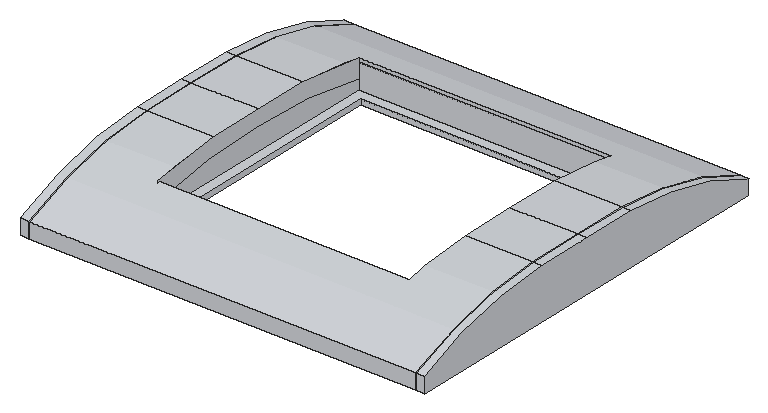
Revit family "Gira_100224", category Electrical Fixtures, host Face, Revit 2017
Family settings
  Host = Face
  Maintain Annotation Orientation = No
  Round Connector Dimension = Use Diameter
  Part Type = Normal
  Cut with Voids When Loaded = No
  Shared = No
  Room Calculation Point = No
Parameters (values of type "Cov.fr. 2-g w/o cb interm.fr. AN Gira Event Opaque white")
  With mounting grid = "No"
  With hinged lid = "No"
  URL = "http://katalog.gira.de/en/datenblatt.html?artikelnr=100224"
  Type of fastening = "Clamp mounting"
  Transparent = "No"
  Surface protection = "Other"
  Suitable for wall duct = "No"
  Suitable for flush-mounted installation = "Yes"
  Suitable for floor box = "No"
  Suitable for built-in installation = "No"
  Number of units vertical = "2"
  Number of units horizontal = "2"
  Number of units = "2"
  Name = "Cov.fr. 2-g w/o cb interm.fr. AN Gira Event Opaque white"
  Mounting direction = "Horizontal and vertical"
  Material quality = "Thermoplastic"
  Material = "Plastic"
  Manufacturer URL = "https://www.gira.de/"
  Manufacturer = "Gira"
  Label space/information surface = "No"
  Keynote = ""
  HeinzeBIM = "https://bimportal.heinze.de/bim/cov-fr-2-g-w-o-cb-interm-fr-an-gira-event-opaque-white/3301cdd09a95d3fdd2279a5f2229eefe3014c5d5"
  Halogen free = "Yes"
  HAN = "100224"
  GTIN = "4010337002246"
  Description = "Cov.fr.2g w o cb i.fr.AN EvOp WH,Gira Event Opaque frames,white with anthracite intermediate frame,2-gang without crossbar,Features:,- Shatter-proof."
  Degree of protection (IP) = "IP20"
  Default Elevation = 1219.2 mm
  Data sheet (1) = "https://katalog.gira.de/en/download.html?artikelnr=100224"
  Colour = "White"
  Category = "Cover frame for domestic switching devices"
  BIM (1) = "https://media.stage.bim.site/public/gira/36a6b08/Event_Rahmen_2fach o.Mittelsteg.rfa?public/gira/36a6b08/Event_Rahmen_2fach o.Mittelsteg.rfa"
  Available = "No"
Reference planes
  plane 1 "Center (Front/Back)": y = 0
  plane 2: z = 0
  plane 3 "Center (Left/Right)": x = 0
Forms (mm)
  Extrusion 1, solid, detail levels fine
    sketch origin (0, 0, 1.55) x (0, 1, 0) y (0, 0, 1)
      loop
        arc (12.445, 9.683) -> (6.223, 9.833) -> (0, 9.85) r 291.636
        arc (0, 9.85) -> (-6.223, 9.833) -> (-12.445, 9.683) r 291.636
        arc (-12.445, 9.683) -> (-29.14, 7.482) -> (-45, 1.823) r 79.728
        line (-45, 1.823) -> (-45, -1.55) -> (-41.777, -1.55) -> (-41.777, -0.55)
        arc (-41.777, -0.55) -> (-21.205, 4.846) -> (0, 6.467) r 118.15
        arc (0, 6.467) -> (21.205, 4.846) -> (41.777, -0.55) r 118.15
        line (41.777, -0.55) -> (41.777, -1.55) -> (45, -1.55) -> (45, 1.823)
        arc (45, 1.823) -> (29.14, 7.482) -> (12.445, 9.683) r 79.728
    from -43 to 43
  Extrusion 2, void, detail levels fine
    sketch origin (0, 0, 0) x (1, 0, 0) y (0, 1, 0)
      loop
        line (-28, -28) -> (28, -28) -> (28, 28) -> (-28, 28) -> (-28, -28)
    from 2.85 to 12
  Extrusion 3, solid, detail levels coarse
    sketch origin (0, 0, 0) x (1, 0, 0) y (0, 1, 0)
      loop
        line (-45, 45) -> (-45, -45) -> (45, -45) -> (45, 45) -> (-45, 45)
    from 0 to 11.4
  Extrusion 4, solid, detail levels medium
    sketch origin (0, 0, 1.55) x (0, 1, 0) y (0, 0, 1)
      loop
        arc (12.445, 9.683) -> (6.223, 9.833) -> (0, 9.85) r 291.636
        arc (0, 9.85) -> (-6.223, 9.833) -> (-12.445, 9.683) r 291.636
        arc (-12.445, 9.683) -> (-29.14, 7.482) -> (-45, 1.823) r 79.728
        line (-45, 1.823) -> (-45, -1.55) -> (45, -1.55) -> (45, 1.823)
        arc (45, 1.823) -> (29.14, 7.482) -> (12.445, 9.683) r 79.728
    from -45 to 45
  Extrusion 5, solid, detail levels fine
    sketch origin (0, 0, 0) x (0, 1, 0) y (0, 0, 1)
      loop
        arc (45, 3.373) -> (29.14, 9.032) -> (12.445, 11.233) r 79.728
        arc (12.445, 11.233) -> (6.223, 11.383) -> (0, 11.4) r 291.636
        arc (0, 11.4) -> (-6.223, 11.383) -> (-12.445, 11.233) r 291.636
        arc (-12.445, 11.233) -> (-29.14, 9.032) -> (-45, 3.373) r 79.728
        line (-45, 3.373) -> (-45, 0) -> (45, 0) -> (45, 3.373)
    from 43 to 45
  Extrusion 6, solid, detail levels fine
    sketch origin (0, 0, 0) x (0, 1, 0) y (0, 0, -1)
      loop
        line (45, -3.373) -> (45, 0) -> (-45, 0) -> (-45, -3.373)
        arc (-45, -3.373) -> (-29.14, -9.032) -> (-12.445, -11.233) r 79.728
        arc (-12.445, -11.233) -> (-6.223, -11.383) -> (0, -11.4) r 291.636
        arc (0, -11.4) -> (6.223, -11.383) -> (12.445, -11.233) r 291.636
        arc (12.445, -11.233) -> (29.14, -9.032) -> (45, -3.373) r 79.728
    from 43 to 45
  Extrusion 7, solid, detail levels fine
    sketch origin (0, 0, 0) x (1, 0, 0) y (0, 1, 0)
      loop
        line (-25.7, 25.7) -> (-25.7, -25.7) -> (25.7, -25.7) -> (25.7, 25.7) -> (-25.7, 25.7)
      loop
        line (-29.495, 27.895) -> (-29.495, -27.895)
        spline (-29.495, -27.895) -> (-29.486, -28.025) -> (-29.461, -28.154) -> (-29.419, -28.278) -> (-29.361, -28.395) -> (-29.288, -28.504) -> (-29.202, -28.602) -> (-29.104, -28.688) -> (-28.995, -28.761) -> (-28.878, -28.819) -> (-28.754, -28.861) -> (-28.625, -28.886) -> (-28.495, -28.895)
        line (-28.495, -28.895) -> (28.495, -28.895)
        spline (28.495, -28.895) -> (28.625, -28.886) -> (28.754, -28.861) -> (28.878, -28.819) -> (28.995, -28.761) -> (29.104, -28.688) -> (29.202, -28.602) -> (29.288, -28.504) -> (29.361, -28.395) -> (29.419, -28.278) -> (29.461, -28.154) -> (29.486, -28.025) -> (29.495, -27.895)
        line (29.495, -27.895) -> (29.495, 27.895)
        spline (29.495, 27.895) -> (29.486, 28.025) -> (29.461, 28.154) -> (29.419, 28.278) -> (29.361, 28.395) -> (29.288, 28.504) -> (29.202, 28.602) -> (29.104, 28.688) -> (28.995, 28.761) -> (28.878, 28.819) -> (28.754, 28.861) -> (28.625, 28.886) -> (28.495, 28.895)
        line (28.495, 28.895) -> (-28.495, 28.895)
        spline (-28.495, 28.895) -> (-28.625, 28.886) -> (-28.754, 28.861) -> (-28.878, 28.819) -> (-28.995, 28.761) -> (-29.104, 28.688) -> (-29.202, 28.602) -> (-29.288, 28.504) -> (-29.361, 28.395) -> (-29.419, 28.278) -> (-29.461, 28.154) -> (-29.486, 28.025) -> (-29.495, 27.895)
    from 1.673 to 8.5
Cuts and joins
  Extrusion 2 cuts Extrusion 1
  Extrusion 2 cuts Extrusion 7
Dimensions and locks
  aligned and locked: plane 2 to host face
  aligned and locked: level to host face
